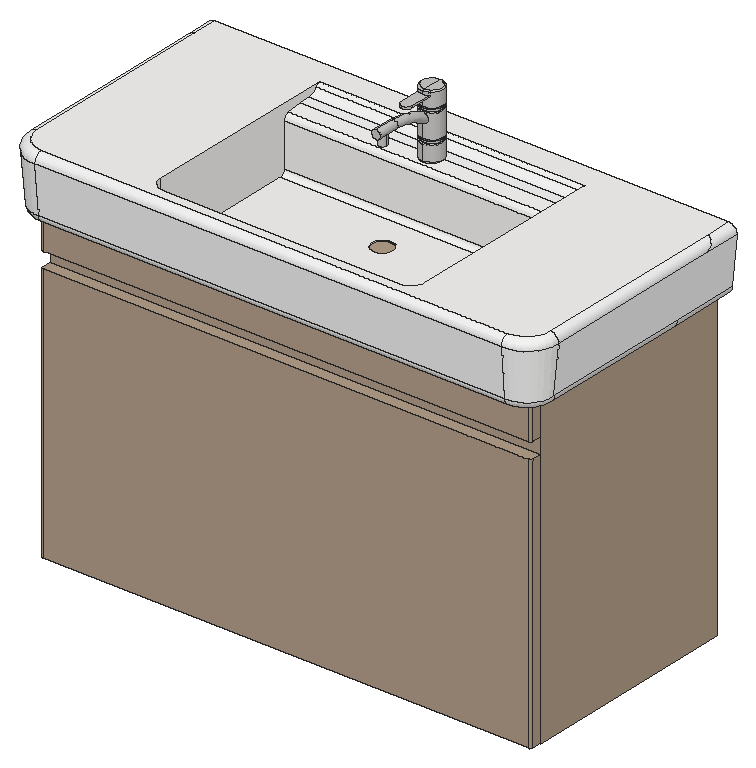
Revit family "CONV_Geberit_StorageUnits_IfoRenovaNr1Plan_100", category Furniture, Revit 2016
Family settings
  OmniClass Number = 23.40.20.21
  OmniClass Title = Toilet and Bath Specialties
  Work Plane-Based = No
  Always vertical = Yes
  Cut with Voids When Loaded = No
  Shared = No
  Room Calculation Point = No
Parameters (values of type "Ifo Renova Nr. 1 Plan Cabinet - 100 cm Elm")
  WashbasinVisibility [instance] = yes
  WarrantyStartDate [instance] = "n/a"
  WarrantyGuarantorParts = "n/a"
  WarrantyGuarantorLabor = "n/a"
  WarrantyDurationUnit = "Year"
  WarrantyDurationParts = "n/a"
  WarrantyDurationLabor = "n/a"
  WarrantyDescription = "n/a"
  VersionDate = "17/04/2018"  # constant formula
  Version = "1"  # constant formula
  Uniclass2015Reference = "Pr_40_30_78_03"
  Uniclass2015Description = "Bathroom cabinets"
  Uniclass2 = "Pr_40_30_78_06"
  URL = "https://www.ifo.se/"
  Type Comments = ""
  TagNumber [instance] = "n/a"
  SustainabilityPerformance = "n/a"
  Style = "n/a"
  Size = "1000x480x810 mm"
  Shape = "Rectangular"
  SerialNumber [instance] = "n/a"
  Revision = "n/a"
  ReplacementCost = "n/a"
  ProductURL_SE = "http://www.ifo.se/produkter/mobler/"
  ProductURL_NO = "http://www.ifosanitar.no/produkter/baderomsmbler/"
  ProductURL_DK = "http://www.ifo.dk/produkter/badevrelsesmbler/"
  ProductInformation = "Ifo Renova Nr. 1 plan cabinet in moisture resistant material with soft closing cover that can be right or left mounted. The integrated handle makes the door easy to open. Washbasins are ordered separately."
  NotWashbasin [instance] = not(WashbasinVisibility)  # no
  NominalLength = 1000 mm
  NominalHeight = 811.2 mm
  NominalDepth = 480 mm
  Name = "StorageUnits_IfoRenovaNr1Plan_100"
  NBSReference = "45-35-72/318"
  NBSDescription = "Bathroom cabinets"
  ModelReference = "n/a"
  ModelNumber = "44764"
  Material = "Wood, metal"
  ManufacturerURL = "https://www.ifo.se/"
  ManufacturerName = "Ifo (Geberit Group)"
  MainColor = "Wooden"
  InstallationDate [instance] = "n/a"
  ExpiringDate = "12/2018"  # constant formula
  Elevation [instance] = 500 mm
  EANNumber = "7391515443776"
  Description = ""
  Collection = "Ifo Renova"
  Model = "Ifo Renova Nr. 1 Plan Cabinet - 100 cm Elm"
  Manufacturer = "Ifo (Geberit Group)"
  IfcExportType = "CABINET"  # constant formula
  IfcExportAs = "IfcFurnitureType"  # constant formula
  Grade = "n/a"
  Finish = "n/a"
  Features = "n/a"
  ExpectedLife = "n/a"
  DurationUnit = "Year"
  Cost = 0
  ConvergoRefNr = "0132-1802-0010-SE"
  Constituents = "Washbasin sold separately"
  Color = "Wooden"
  CodePerformance = "n/a"
  Category = "Sink Cabinet"
  CabinetTertiaryMaterial = Stainless Steel, Polished
  CabinetSecondaryMaterial = Porcelain, White
  CabinetMainMaterial = Elm
  Brand = "Ifo"
  Barcode [instance] = "n/a"
  BIMObjectName = "CONV_Geberit_StorageUnits_IfoRenovaNr1Plan_100"
  Author = "Convergo AB"  # constant formula
  AssetType = "Fixed"
  AssetIdentifier [instance] = "n/a"
  AccessibilityPerformance = "n/a"
Types (4, lengths in mm): name | ModelNumber | MainColor | EANNumber | Model | Color | CabinetMainMaterial
  (no name) | "44764" | "Wooden" | "7391515443776" | "Ifo Renova Nr. 1 Plan Cabinet - 100 cm Elm" | "Wooden" | Elm
  Ifo Renova Nr. 1 Plan Cabinet - 100 cm Grey | "44763" | "Grey" | "7391515443769" | "Ifo Renova Nr. 1 Plan Cabinet - 100 cm Grey" | "Grey" | Grey
  Ifo Renova Nr. 1 Plan Cabinet - 100 cm White | "44762" | "White" | "7391515443752" | "Ifo Renova Nr. 1 Plan Cabinet - 100 cm White" | "White" | White
  Ifo Renova Nr. 1 Plan Cabinet - 100 cm Elm | "44764" | "Wooden" | "7391515443776" | "Ifo Renova Nr. 1 Plan Cabinet - 100 cm Elm" | "Wooden" | Elm
Reference planes
  plane 1 "Center (Front/Back)": y = 0
  plane 2: z = 0
  plane 3 "Center (Left/Right)": x = 0
  plane 4: z = 500
  plane 5: z = 1311.2
  plane 6: y = 240
  plane 7: y = -240
  plane 8: x = -500
  plane 9: x = 500
Forms (mm)
  Extrusion 1, solid, material "Elm" <- "CabinetMainMaterial", visible <- "WashbasinVisibility", detail levels coarse
    sketch origin (0, 0, 0) x (0, 1, 0) y (0, 0, 1)
      loop
        line (240, 1311.2) -> (-240, 1311.2) -> (-240, 500) -> (240, 500) -> (240, 1311.2)
    from 500 to -500
  Extrusion 2, solid, material "Elm" <- "CabinetMainMaterial", visible <- "NotWashbasin", detail levels coarse
    sketch origin (0, 0, 0) x (1, 0, 0) y (0, 0, 1)
      loop
        line (-463, 500) -> (463, 500) -> (463, 1079) -> (-463, 1079) -> (-463, 500)
    from 198 to -240
Lines and regions (mm)
  symbolic lines, visible <- "WashbasinVisibility", detail levels medium+fine
    curve 1: line (0, 240, 1198.983) -> (0, 153.259, 1198.983)
    curve 2: arc (0, -234.733, 1198.983) -> (0, -238.457, 1197.441) -> (0, -240, 1193.716) r 5.267
    curve 3: arc (0, -240, 1193.716) -> (0, -237.19, 1137.68) -> (0, -228.788, 1082.206) r 560.115
    curve 4: arc (0, -228.788, 1082.206) -> (0, -227.429, 1079.929) -> (0, -224.946, 1079) r 4.004
    curve 5: line (0, -224.946, 1079) -> (0, -196, 1079)
    curve 6: line (0, 240, 1198.983) -> (0, 240, 1079)
    curve 18: line (-492.385, 0, 1207.29) -> (-21.001, 0, 1207.29)
    curve 19: arc (-494.294, 0, 1207.159) -> (-493.342, 0, 1207.257) -> (-492.385, 0, 1207.29) r 13.925
    curve 20: arc (-500, 0, 1200.96) -> (-498.468, 0, 1205.276) -> (-494.294, 0, 1207.159) r 5.837
    curve 21: arc (-489.902, 0, 1086.817) -> (-495.698, 0, 1143.823) -> (-500, 0, 1200.96) r 2187.089
    curve 22: arc (-483.915, 0, 1079) -> (-488.254, 0, 1081.878) -> (-489.902, 0, 1086.817) r 7.998
    curve 23: line (-483.915, 0, 1079) -> (-463, 0, 1079)
    curve 26: line (-493.592, 240, 0) -> (0, 240, 0)
    curve 27: arc (-493.592, 240, 0) -> (-499.673, 60.159, 0) -> (-498.075, -119.777, 0) r 4216.699
    curve 38: line (0, 150.851, 1311.2) -> (0, 113.651, 1311.2)
    curve 39: line (0, 150.851, 1311.2) -> (0, 153.251, 1308.8)
    curve 40: line (0, 153.251, 1308.8) -> (0, 153.251, 1282.252)
    curve 41: line (0, 113.651, 1311.2) -> (0, 111.251, 1308.8)
    curve 42: line (0, 111.251, 1308.8) -> (0, 111.251, 1303.955)
    curve 46: line (0, 111.251, 1300.955) -> (0, 111.251, 1282.252)
    curve 47: line (0, 111.251, 1303.955) -> (0, 52.197, 1303.955)
    curve 48: line (0, 52.197, 1303.955) -> (0, 52.197, 1300.955)
    curve 49: line (0, 52.197, 1300.955) -> (0, 111.251, 1300.955)
    curve 50: line (0, 45.868, 1256.325) -> (0, 45.868, 1249.325)
    curve 51: line (0, 45.868, 1249.325) -> (0, 31.875, 1249.325)
    curve 52: line (0, 31.875, 1249.325) -> (0, 31.875, 1256.325)
    curve 53: line (0, 31.875, 1256.325) -> (0, 23.796, 1256.325)
    curve 54: line (0, 23.796, 1256.325) -> (0, 23.796, 1272.325)
    curve 55: line (0, 23.796, 1272.325) -> (0, 64.727, 1272.325)
    curve 56: arc (0, 64.727, 1272.325) -> (0, 88.54, 1269.748) -> (0, 111.251, 1262.137) r 111.325
    curve 57: line (0, 45.868, 1256.325) -> (0, 64.931, 1256.325)
    curve 58: arc (0, 64.931, 1256.325) -> (0, 88.859, 1253.269) -> (0, 111.251, 1244.296) r 95.194
    curve 61: line (0, 111.251, 1262.137) -> (0, 111.251, 1274.212)
    curve 62: line (0, 152.27, 1275.212) -> (0, 151.005, 1275.212)
    curve 63: line (0, 152.251, 1281.252) -> (0, 151.005, 1281.252)
    curve 64: arc (0, 153.251, 1282.252) -> (0, 152.958, 1281.545) -> (0, 152.251, 1281.252) r 1
    curve 65: line (0, 153.27, 1274.212) -> (0, 153.27, 1228.203)
    curve 66: line (0, 153.259, 1198.983) -> (0, 153.259, 1220.218)
    curve 67: line (0, 152.259, 1221.218) -> (0, 151.036, 1221.218)
    curve 68: line (0, 111.283, 1198.983) -> (0, 111.283, 1220.218)
    curve 69: arc (0, 153.259, 1220.218) -> (0, 152.966, 1220.925) -> (0, 152.259, 1221.218) r 1
    curve 70: arc (0, 112.283, 1221.218) -> (0, 111.576, 1220.925) -> (0, 111.283, 1220.218) r 1
    curve 71: arc (0, 153.27, 1274.212) -> (0, 152.977, 1274.919) -> (0, 152.27, 1275.212) r 1
    curve 72: arc (0, 111.251, 1274.212) -> (0, 111.543, 1274.919) -> (0, 112.251, 1275.212) r 1
    curve 73: arc (0, 112.251, 1281.252) -> (0, 111.543, 1281.545) -> (0, 111.251, 1282.252) r 1
    curve 74: line (0, 111.251, 1244.296) -> (0, 111.251, 1228.203)
    curve 75: line (0, 112.251, 1227.203) -> (0, 113.603, 1227.203)
    curve 76: arc (0, 112.251, 1227.203) -> (0, 111.543, 1227.496) -> (0, 111.251, 1228.203) r 1
    curve 77: arc (0, 152.27, 1227.203) -> (0, 152.977, 1227.496) -> (0, 153.27, 1228.203) r 1
    curve 78: line (0, 151.036, 1227.203) -> (0, 151.036, 1221.218)
    curve 79: line (0, 113.603, 1227.203) -> (0, 113.603, 1221.218)
    curve 80: line (0, 151.005, 1281.252) -> (0, 151.005, 1275.212)
    curve 81: line (0, 113.655, 1281.252) -> (0, 113.655, 1275.212)
    curve 83: line (0, 113.655, 1281.252) -> (0, 112.251, 1281.252)
    curve 85: line (0, 113.655, 1275.212) -> (0, 112.251, 1275.212)
    curve 87: line (0, 151.036, 1227.203) -> (0, 152.27, 1227.203)
    curve 89: line (0, 113.603, 1221.218) -> (0, 112.283, 1221.218)
    curve 91: line (0, 111.283, 1198.983) -> (0, -234.733, 1198.983)
    curve 93: line (-18.6, 0, 1311.213) -> (-21, 0, 1308.813)
    curve 95: line (-21, 0, 1308.813) -> (-21, 0, 1282.25)
    curve 96: line (-20, 0, 1281.25) -> (-18.68, 0, 1281.25)
    curve 97: line (-21.01, 0, 1274.298) -> (-21.01, 0, 1228.24)
    curve 98: line (-20.01, 0, 1227.24) -> (-18.645, 0, 1227.24)
    curve 99: line (-20.001, 0, 1221.269) -> (-18.645, 0, 1221.269)
    curve 100: line (-21.001, 0, 1220.269) -> (-21.001, 0, 1207.29)
    curve 101: arc (-21.001, 0, 1220.269) -> (-20.709, 0, 1220.976) -> (-20.001, 0, 1221.269) r 1
    curve 102: arc (-20.01, 0, 1227.24) -> (-20.717, 0, 1227.533) -> (-21.01, 0, 1228.24) r 1
    curve 103: arc (-21.01, 0, 1274.298) -> (-20.717, 0, 1275.005) -> (-20.01, 0, 1275.298) r 1
    curve 104: arc (-20, 0, 1281.25) -> (-20.707, 0, 1281.543) -> (-21, 0, 1282.25) r 1
    curve 107: line (-18.645, 0, 1227.24) -> (-18.645, 0, 1221.269)
    curve 108: line (-18.68, 0, 1281.25) -> (-18.68, 0, 1275.298)
    curve 109: line (-18.68, 0, 1275.298) -> (-20.01, 0, 1275.298)
    curve 126: line (-18.6, 0, 1311.213) -> (18.6, 0, 1311.213)
    curve 127: arc (494.294, 0, 1207.159) -> (493.342, 0, 1207.257) -> (492.385, 0, 1207.29) r 13.925
    curve 128: arc (500, 0, 1200.96) -> (498.468, 0, 1205.276) -> (494.294, 0, 1207.159) r 5.837
    curve 129: arc (489.902, 0, 1086.817) -> (495.698, 0, 1143.823) -> (500, 0, 1200.96) r 2187.089
    curve 130: arc (483.915, 0, 1079) -> (488.254, 0, 1081.878) -> (489.902, 0, 1086.817) r 7.998
    curve 131: line (483.915, 0, 1079) -> (463, 0, 1079)
    curve 134: line (18.6, 0, 1311.213) -> (21, 0, 1308.813)
    curve 136: line (21, 0, 1308.813) -> (21, 0, 1282.25)
    curve 137: line (20, 0, 1281.25) -> (18.68, 0, 1281.25)
    curve 138: line (21.01, 0, 1274.298) -> (21.01, 0, 1228.24)
    curve 139: line (20.01, 0, 1227.24) -> (18.645, 0, 1227.24)
    curve 140: line (20.001, 0, 1221.269) -> (18.645, 0, 1221.269)
    curve 141: line (21.001, 0, 1220.269) -> (21.001, 0, 1207.29)
    curve 142: arc (21.001, 0, 1220.269) -> (20.709, 0, 1220.976) -> (20.001, 0, 1221.269) r 1
    curve 143: arc (20.01, 0, 1227.24) -> (20.717, 0, 1227.533) -> (21.01, 0, 1228.24) r 1
    curve 144: arc (21.01, 0, 1274.298) -> (20.717, 0, 1275.005) -> (20.01, 0, 1275.298) r 1
    curve 145: arc (20, 0, 1281.25) -> (20.707, 0, 1281.543) -> (21, 0, 1282.25) r 1
    curve 148: line (18.645, 0, 1227.24) -> (18.645, 0, 1221.269)
    curve 149: line (18.68, 0, 1281.25) -> (18.68, 0, 1275.298)
    curve 150: line (18.68, 0, 1275.298) -> (20.01, 0, 1275.298)
    curve 158: line (21.001, 0, 1207.29) -> (492.385, 0, 1207.29)
    curve 167: line (493.592, 240, 0) -> (0, 240, 0)
    curve 168: arc (493.592, 240, 0) -> (499.673, 60.159, 0) -> (498.075, -119.777, 0) r 4216.699
    curve 169: arc (442.639, -229.113, 0) -> (427.565, -232.893, 0) -> (412.108, -234.509, 0) r 109.931
    curve 186: arc (489.989, -185.922, 0) -> (472.553, -214.358, 0) -> (442.639, -229.113, 0) r 60.087
    curve 187: arc (498.075, -119.777, 0) -> (496.574, -153.16, 0) -> (489.989, -185.922, 0) r 218.07
    curve 190: arc (-442.639, -229.113, 0) -> (-427.565, -232.893, 0) -> (-412.108, -234.509, 0) r 109.931
    curve 191: arc (-489.989, -185.922, 0) -> (-472.553, -214.358, 0) -> (-442.639, -229.113, 0) r 60.087
    curve 192: arc (-498.075, -119.777, 0) -> (-496.574, -153.16, 0) -> (-489.989, -185.922, 0) r 218.07
    curve 193: arc (-412.108, -234.509, 0) -> (0, -241.396, 0) -> (412.108, -234.509, 0) r 12332.589
  symbolic lines, detail levels medium+fine
    curve 7: line (0, 240, 500) -> (0, -175, 500)
    curve 8: line (0, -175, 989) -> (0, -196, 989)
    curve 10: line (0, -175, 1019) -> (0, -196, 1019)
    curve 11: line (0, -198, 1077) -> (0, -198, 1021)
    curve 12: arc (0, -198, 1021) -> (0, -197.414, 1019.586) -> (0, -196, 1019) r 2
    curve 13: arc (0, -196, 1079) -> (0, -197.414, 1078.414) -> (0, -198, 1077) r 2
    curve 14: line (0, -198, 987) -> (0, -198, 502)
    curve 15: line (0, -175, 500) -> (0, -196, 500)
    curve 16: arc (0, -196, 500) -> (0, -197.414, 500.586) -> (0, -198, 502) r 2
    curve 17: arc (0, -196, 989) -> (0, -197.414, 988.414) -> (0, -198, 987) r 2
    curve 24: line (-463, 0, 1079) -> (-463, 0, 502.053)
    curve 117: line (0, 240, 1079) -> (0, 240, 500)
    curve 132: line (463, 0, 1079) -> (463, 0, 502.226)
    curve 156: line (0, -175, 989) -> (0, -175, 1019)
    curve 163: line (-460.947, 0, 500) -> (460.774, 0, 500)
    curve 165: arc (460.774, 0, 500) -> (462.348, 0, 500.652) -> (463, 0, 502.226) r 2.226
    curve 166: arc (-460.947, 0, 500) -> (-462.399, 0, 500.601) -> (-463, 0, 502.053) r 2.053
  symbolic lines, visible <- "NotWashbasin", detail levels medium+fine
    curve 9: line (0, -175, 1079) -> (0, -196, 1079)
    curve 92: line (0, 240, 1079) -> (0, -175, 1079)
    curve 113: line (-463, 240, 0) -> (0, 240, 0)
    curve 151: line (-463, 240, 0) -> (-463, -175, 0)
    curve 152: line (-463, -175, 0) -> (-463, -193, 0)
    curve 153: line (-458, -198, 0) -> (0, -198, 0)
    curve 180: line (463, 240, 0) -> (0, 240, 0)
    curve 182: line (463, 240, 0) -> (463, -175, 0)
    curve 183: line (463, -175, 0) -> (463, -193, 0)
    curve 184: line (458, -198, 0) -> (0, -198, 0)
    curve 188: arc (-458, -198, 0) -> (-461.536, -196.536, 0) -> (-463, -193, 0) r 5
    curve 189: arc (458, -198, 0) -> (461.536, -196.536, 0) -> (463, -193, 0) r 5
  symbolic lines, detail levels fine
    curve 25: line (-442.979, 0, 1019) -> (-442.979, 0, 989)
    curve 37: line (0, -175, 500) -> (0, -175, 989)
    curve 133: line (442.547, 0, 1019) -> (442.547, 0, 989)
    curve 155: line (0, -175, 1019) -> (0, -175, 1079)
    curve 159: line (-463, 0, 1079) -> (463, 0, 1079)
    curve 161: line (-463, 0, 1019) -> (463, 0, 1019)
    curve 162: line (-463, 0, 989) -> (463, 0, 989)
    curve 164: line (0, -196, 1079) -> (0, -175, 1079)
  symbolic lines, visible <- "WashbasinVisibility", detail levels fine
    curve 28: line (-470.155, 102.941, 0) -> (-470.155, -172.372, 0)
    curve 29: arc (-470.155, -172.372, 0) -> (-462.764, -190.216, 0) -> (-444.921, -197.607, 0) r 25.235
    curve 30: arc (-447.876, 125.221, 0) -> (-463.63, 118.695, 0) -> (-470.155, 102.941, 0) r 22.279
    curve 31: circle (0, 5, 0) r 22.816 normal (0, 0, 1)
    curve 32: line (-444.663, 208.165, 0) -> (0, 208.165, 0)
    curve 33: arc (-470.094, 182.734, 0) -> (-462.645, 200.717, 0) -> (-444.663, 208.165, 0) r 25.431
    curve 34: line (-470.094, 182.734, 0) -> (-470.094, 107.394, 0)
    curve 35: arc (-470.094, 107.394, 0) -> (-470.079, 106.329, 0) -> (-470.034, 105.265, 0) r 37.533
    curve 36: line (0, -175, 1079) -> (0, 240, 1079)
    curve 43: line (0, 111.251, 1303.955) -> (0, 113.784, 1303.955)
    curve 44: line (0, 113.784, 1303.955) -> (0, 113.784, 1300.955)
    curve 45: line (0, 113.784, 1300.955) -> (0, 111.251, 1300.955)
    curve 59: arc (0, 111.251, 1262.137) -> (0, 112.923, 1253.217) -> (0, 111.251, 1244.296) r 24.624
    curve 60: arc (0, 45.868, 1256.325) -> (0, 38.871, 1260.325) -> (0, 31.875, 1256.325) r 8.118
    curve 82: line (0, 151.005, 1281.252) -> (0, 113.655, 1281.252)
    curve 84: line (0, 151.005, 1275.212) -> (0, 113.655, 1275.212)
    curve 86: line (0, 113.603, 1227.203) -> (0, 151.036, 1227.203)
    curve 88: line (0, 151.036, 1221.218) -> (0, 113.603, 1221.218)
    curve 90: line (0, 153.259, 1198.983) -> (0, 111.283, 1198.983)
    curve 94: line (-10, 0, 1303.969) -> (-10, 0, 1300.969)
    curve 105: arc (0, 0, 1272.338) -> (-8, 0, 1264.338) -> (0, 0, 1256.338) r 8
    curve 106: line (-6.996, 0, 1249.338) -> (-6.996, 0, 1260.459)
    curve 110: arc (0, 192.251, 0) -> (-21, 171.251, 0) -> (0, 150.251, 0) r 21
    curve 111: line (-7.995, 151.832, 0) -> (-7.995, 118.653, 0)
    curve 112: arc (-7.995, 118.653, 0) -> (-5.655, 112.989, 0) -> (0, 110.629, 0) r 8.024
    curve 114: line (-444.921, -197.607, 0) -> (444.921, -197.607, 0)
    curve 115: line (-447.876, 125.221, 0) -> (-7.995, 125.221, 0)
    curve 116: line (0, 153.251, 1308.8) -> (0, 111.251, 1308.8)
    curve 118: line (-18.68, 0, 1281.25) -> (18.68, 0, 1281.25)
    curve 119: line (-18.645, 0, 1221.269) -> (18.645, 0, 1221.269)
    curve 120: line (-18.645, 0, 1227.24) -> (18.645, 0, 1227.24)
    curve 121: line (-6.996, 0, 1249.338) -> (6.996, 0, 1249.338)
    curve 122: line (-18.68, 0, 1275.298) -> (18.68, 0, 1275.298)
    curve 123: line (-10, 0, 1300.969) -> (10, 0, 1300.969)
    curve 124: line (-10, 0, 1303.969) -> (10, 0, 1303.969)
    curve 125: line (-21, 0, 1308.813) -> (21, 0, 1308.813)
    curve 135: line (10, 0, 1303.969) -> (10, 0, 1300.969)
    curve 146: arc (0, 0, 1272.338) -> (8, 0, 1264.338) -> (0, 0, 1256.338) r 8
    curve 147: line (6.996, 0, 1249.338) -> (6.996, 0, 1260.459)
    curve 157: line (-21.001, 0, 1207.29) -> (21.001, 0, 1207.29)
    curve 170: line (470.155, 102.941, 0) -> (470.155, -172.372, 0)
    curve 171: arc (470.155, -172.372, 0) -> (462.764, -190.216, 0) -> (444.921, -197.607, 0) r 25.235
    curve 172: arc (447.876, 125.221, 0) -> (463.63, 118.695, 0) -> (470.155, 102.941, 0) r 22.279
    curve 173: line (444.663, 208.165, 0) -> (0, 208.165, 0)
    curve 174: arc (470.094, 182.734, 0) -> (462.645, 200.717, 0) -> (444.663, 208.165, 0) r 25.431
    curve 175: line (470.094, 182.734, 0) -> (470.094, 107.394, 0)
    curve 176: arc (470.094, 107.394, 0) -> (470.079, 106.329, 0) -> (470.034, 105.265, 0) r 37.533
    curve 177: arc (0, 192.251, 0) -> (21, 171.251, 0) -> (0, 150.251, 0) r 21
    curve 178: line (7.995, 151.832, 0) -> (7.995, 118.653, 0)
    curve 179: arc (7.995, 118.653, 0) -> (5.655, 112.989, 0) -> (0, 110.629, 0) r 8.024
    curve 181: line (447.876, 125.221, 0) -> (7.995, 125.221, 0)
  symbolic lines, visible <- "NotWashbasin", detail levels fine
    curve 154: line (-463, -175, 0) -> (0, -175, 0)
    curve 185: line (463, -175, 0) -> (0, -175, 0)
  symbolic lines, visible <- "NotWashbasin", detail levels medium
    curve 160: line (-463, 0, 1079) -> (463, 0, 1079)
Dimensions and locks
  "Elevation": plane 4 to level
  "NominalDepth": plane 6 to plane 7
  equal spacing: plane 8, plane 3 "Center (Left/Right)", plane 9
  "NominalLength": plane 8 to plane 9
  "NominalHeight": plane 4 to plane 5
  aligned and locked: level to plane 2
  aligned and locked: nested 1 to plane 4
  aligned and locked: Extrusion 1 sketch curve to plane 4
  aligned and locked: Extrusion 1 to plane 5
  aligned and locked: Extrusion 1 to plane 4  (x4)
  aligned and locked: curve 7 to plane 4
  aligned and locked: curve 15 to plane 4
  aligned and locked: Extrusion 1 to plane 6
  aligned and locked: Extrusion 1 to plane 7
  aligned and locked: Extrusion 1 to curve 6
  aligned and locked: Extrusion 1 to nested 1
  aligned and locked: curve 113 to plane 6
  aligned and locked: nested 2 to nested 1
  aligned and locked: Extrusion 1 to plane 8
  aligned and locked: plane 9 to Extrusion 1
  aligned and locked: Extrusion 2 sketch curve to nested 1  (x3)
  aligned and locked: Extrusion 2 to curve 92
Automatic sketch dimensions
  curve 2 to plane 7 = 0 mm
  curve 3 to plane 7 = 0 mm
  plane 5 to curve 38 = 0 mm
  curve 3 to curve 2 = 5.267 mm
  plane 7 to curve 5 = 15.054 mm
  curve 5 to curve 4 = 0.082 mm
  plane 4 to curve 14 = 2 mm
  plane 7 to curve 14 = 42 mm
  curve 11 to curve 14 = 0 mm
  curve 14 to curve 8 = 2 mm
  curve 11 to curve 164 = 2 mm
  curve 11 to curve 10 = 2 mm
  curve 10 to curve 156 = 21 mm
  curve 54 to plane 1 "Center (Front/Back)" = 23.796 mm
  curve 53 to curve 51 = 8.079 mm
  curve 51 to curve 60 = 6.996 mm
  curve 60 to curve 50 = 6.996 mm
  plane 5 to curve 49 = 10.245 mm
  curve 54 to curve 49 = 28.401 mm
  curve 50 to curve 55 = 18.859 mm
  curve 56 to curve 58 = 0.204 mm
  curve 58 to curve 59 = 23.369 mm
  plane 5 to curve 43 = 7.245 mm
  curve 59 to curve 43 = 22.951 mm
  curve 61 to curve 42 = 0 mm
  curve 74 to curve 56 = 0 mm
  curve 45 to curve 42 = 0 mm
  curve 74 to curve 68 = 0.032 mm
  curve 72 to curve 72 = 1 mm
  curve 73 to curve 83 = 1 mm
  curve 74 to curve 75 = 1 mm
  curve 68 to curve 89 = 1 mm
  curve 75 to curve 75 = 1.352 mm
  curve 41 to curve 38 = 2.4 mm
  curve 83 to curve 82 = 1.404 mm
  curve 42 to curve 44 = 2.534 mm
  curve 38 to curve 38 = 37.2 mm
  curve 38 to curve 63 = 0.155 mm
  curve 75 to curve 78 = 37.433 mm
  curve 63 to curve 64 = 1.245 mm
  curve 67 to curve 69 = 1.223 mm
  curve 78 to curve 77 = 1.234 mm
  curve 62 to curve 71 = 1.265 mm
  plane 5 to curve 39 = 2.4 mm
  curve 38 to curve 39 = 2.4 mm
  curve 69 to curve 66 = 1 mm
  curve 71 to curve 65 = 1 mm
  plane 6 to curve 3 = 80.115 mm
  curve 8 to curve 155 = 30 mm
  curve 12 to curve 11 = 56 mm
  curve 5 to curve 4 = 4.003 mm
  curve 56 to curve 48 = 139.955 mm
  curve 56 to curve 58 = 0.13 mm
  curve 4 to curve 2 = 110.713 mm
  curve 1 to curve 69 = 21.234 mm
  curve 67 to curve 78 = 5.985 mm
  curve 76 to curve 74 = 16.093 mm
  curve 50 to curve 50 = 7 mm
  curve 50 to curve 60 = 2.882 mm
  curve 59 to curve 58 = 3.108 mm
  curve 59 to curve 72 = 12.075 mm
  curve 72 to curve 83 = 6.04 mm
  Extrusion 1 sketch curve to plane 5 = 0 mm
  Extrusion 1 sketch curve to plane 7 = 0 mm
  Extrusion 1 sketch curve to plane 6 = 0 mm
  curve 167 to plane 3 "Center (Left/Right)" = 0 mm
  curve 193 to plane 3 "Center (Left/Right)" = 0 mm
  curve 32 to plane 3 "Center (Left/Right)" = 0 mm
  curve 177 to plane 3 "Center (Left/Right)" = 0 mm
  curve 112 to plane 3 "Center (Left/Right)" = 0 mm
  curve 154 to plane 3 "Center (Left/Right)" = 0 mm
  curve 31 to plane 3 "Center (Left/Right)" = 0 mm
  curve 153 to plane 3 "Center (Left/Right)" = 0 mm
  curve 179 to plane 3 "Center (Left/Right)" = 0.029 mm
  curve 111 to curve 179 = 7.966 mm
  plane 7 to curve 192 = 113.301 mm
  plane 8 to curve 192 = 219.886 mm
  curve 191 to curve 190 = 23.625 mm
  plane 8 to curve 35 = 67.439 mm
  curve 32 to plane 6 = 31.835 mm
  plane 8 to curve 32 = 55.337 mm
  curve 114 to curve 191 = 12.861 mm
  curve 30 to curve 35 = 15.314 mm
  curve 153 to curve 29 = 13.079 mm
  curve 151 to curve 29 = 18.079 mm
  curve 34 to curve 33 = 25.431 mm
  curve 28 to curve 151 = 7.155 mm
  plane 8 to curve 26 = 6.408 mm
  curve 168 to plane 1 "Center (Front/Back)" = 7.624 mm
  curve 168 to plane 8 = 3216.699 mm
  plane 3 "Center (Left/Right)" to curve 112 = 0.029 mm
  curve 112 to curve 178 = 7.966 mm
  curve 187 to plane 9 = 219.886 mm
  curve 169 to plane 9 = 91.565 mm
  curve 169 to curve 186 = 23.625 mm
  curve 176 to plane 9 = 67.439 mm
  curve 174 to plane 9 = 55.337 mm
  curve 186 to curve 114 = 12.861 mm
  curve 176 to curve 172 = 15.314 mm
  curve 171 to curve 189 = 13.079 mm
  curve 174 to curve 182 = 18.337 mm
  curve 172 to curve 175 = 22.218 mm
  curve 182 to curve 170 = 7.155 mm
  curve 167 to plane 9 = 6.408 mm
  curve 27 to plane 1 "Center (Front/Back)" = 7.624 mm
  plane 9 to curve 27 = 3216.699 mm
  plane 7 to curve 187 = 113.301 mm
  curve 170 to curve 186 = 2.407 mm
  curve 185 to curve 170 = 2.628 mm
  curve 114 to curve 188 = 4.607 mm
  curve 191 to curve 190 = 45.325 mm
  curve 186 to curve 169 = 45.325 mm
  curve 31 to plane 1 "Center (Front/Back)" = 5 mm
  curve 170 to curve 174 = 79.793 mm
  curve 28 to curve 33 = 79.793 mm
  curve 30 to curve 34 = 4.453 mm
  curve 172 to curve 176 = 4.453 mm
  curve 111 to curve 115 = 6.568 mm
  curve 110 to curve 32 = 36.915 mm
  plane 7 to curve 193 = 5.491 mm
  curve 29 to curve 193 = 32.812 mm
  curve 190 to curve 193 = 0 mm
  plane 7 to curve 191 = 10.887 mm
  curve 191 to curve 190 = 30.531 mm
  plane 8 to curve 191 = 10.011 mm
  curve 169 to curve 171 = 32.812 mm
  curve 193 to curve 169 = 0 mm
  plane 7 to curve 186 = 10.887 mm
  curve 169 to curve 186 = 30.531 mm
  curve 187 to plane 9 = 10.011 mm
  curve 177 to curve 110 = 21 mm
  curve 105 to curve 146 = 0 mm  (x2)
  curve 163 to plane 4 = 0 mm
  curve 105 to plane 3 "Center (Left/Right)" = 0 mm
  curve 121 to plane 3 "Center (Left/Right)" = 6.996 mm
  curve 94 to plane 3 "Center (Left/Right)" = 10 mm
  curve 126 to plane 5 = 0.013 mm
  curve 126 to curve 94 = 8.6 mm
  curve 107 to plane 3 "Center (Left/Right)" = 18.645 mm
  curve 122 to plane 3 "Center (Left/Right)" = 18.68 mm
  curve 104 to curve 96 = 1.32 mm
  curve 99 to curve 99 = 1.356 mm
  curve 109 to curve 108 = 1.329 mm
  curve 98 to curve 98 = 1.364 mm
  curve 95 to curve 104 = 1 mm
  curve 100 to curve 101 = 1 mm
  curve 97 to curve 102 = 1 mm
  plane 8 to curve 163 = 39.053 mm
  plane 8 to curve 23 = 37 mm
  plane 8 to curve 22 = 18.097 mm
  curve 23 to curve 22 = 2.011 mm
  plane 8 to curve 18 = 7.615 mm
  plane 8 to curve 20 = 5.826 mm
  curve 129 to plane 5 = 25.366 mm
  curve 129 to plane 8 = 1182.881 mm
  plane 3 "Center (Left/Right)" to curve 121 = 6.996 mm
  plane 3 "Center (Left/Right)" to curve 135 = 10 mm
  curve 124 to curve 126 = 8.6 mm
  plane 3 "Center (Left/Right)" to curve 140 = 18.645 mm
  plane 3 "Center (Left/Right)" to curve 149 = 18.68 mm
  curve 118 to curve 145 = 1.32 mm
  curve 119 to curve 142 = 1.356 mm
  curve 120 to curve 139 = 1.364 mm
  curve 122 to curve 150 = 1.329 mm
  plane 5 to curve 134 = 2.387 mm
  curve 126 to curve 134 = 2.4 mm
  curve 142 to curve 141 = 1 mm
  curve 143 to curve 138 = 1 mm
  curve 163 to plane 9 = 39.226 mm
  curve 131 to plane 9 = 37 mm
  curve 130 to plane 9 = 18.097 mm
  curve 130 to curve 131 = 2.011 mm
  curve 158 to plane 9 = 7.615 mm
  curve 128 to plane 9 = 5.826 mm
  curve 21 to plane 5 = 25.366 mm
  plane 9 to curve 21 = 1182.881 mm
  plane 5 to curve 24 = 232.2 mm
  curve 130 to curve 130 = 7.741 mm
  curve 22 to curve 22 = 7.741 mm
  curve 22 to curve 19 = 106.623 mm
  curve 130 to curve 127 = 106.623 mm
  curve 127 to curve 128 = 7.958 mm
  curve 19 to curve 20 = 7.958 mm
  curve 157 to curve 125 = 101.523 mm
  curve 18 to curve 101 = 12.979 mm
  curve 119 to curve 148 = 5.971 mm
  curve 102 to curve 121 = 21.098 mm
  curve 121 to curve 105 = 15 mm
  curve 105 to curve 138 = 9.96 mm
  curve 108 to curve 108 = 5.951 mm
  plane 5 to curve 135 = 10.231 mm
  curve 123 to curve 124 = 3 mm
  curve 161 to curve 25 = 20.021 mm
  plane 8 to curve 21 = 10.098 mm
  curve 20 to curve 19 = 1.909 mm
  curve 133 to curve 161 = 20.453 mm
  curve 130 to plane 9 = 10.098 mm
  curve 158 to curve 128 = 1.909 mm
  curve 162 to curve 131 = 90 mm
  curve 162 to curve 161 = 30 mm
  curve 105 to curve 105 = 8 mm
  plane 5 to Extrusion 2 sketch curve = 232.2 mm
  radius of curve 31 = 22.816 mm
Nested families
  nested 1: "ifo_renova_cabinet_100" at (0, 21, 500), CabinetMaterial <- "CabinetMainMaterial", type "ifo_renova_cabinet_100", detail levels medium+fine
    with CabinetMaterial Elm
  nested 2: "ifo_sink_100" at (0, 0, 1086), FaucetMaterial <- "CabinetTertiaryMaterial", WashbasinMaterial <- "CabinetSecondaryMaterial", visible <- "WashbasinVisibility", type "ifo_sink_100", detail levels medium+fine
    with WashbasinMaterial Porcelain, White, SinkWidth 1000 mm, FaucetMaterial Stainless Steel, Polished
Definition of nested family "ifo_renova_cabinet_100"
  Parameters (values of type "ifo_renova_cabinet_100")
    Width = 926 mm
    CabinetMaterial [instance] = none
  Reference planes
    plane 1 "Center (Front/Back)": y = 0
    plane 2: z = 0
    plane 3 "Center (Left/Right)": x = 0
    plane 4: x = -463
    plane 5: x = 463
    plane 6: z = 586
    plane 7: y = 219
    plane 8: y = -219
  Forms (mm)
    Extrusion 1, solid, material <- "CabinetMaterial"
      sketch origin (0, 11, 0) x (1, 0, 0) y (0, 1, 0)
        loop
          line (-463, 208) -> (-463, -207) -> (463, -207) -> (463, 208) -> (-463, 208)
      from 0 to 586
    Extrusion 2, solid, material <- "CabinetMaterial"
      sketch origin (0, -35.5, 0) x (1, 0, 0) y (0, 0, 1)
        loop
          line (-462.5, 1) -> (462.5, 1) -> (462.5, 489) -> (-462.5, 489) -> (-462.5, 1)
      from 160.5 to 183.5
    Extrusion 3, solid, material <- "CabinetMaterial"
      sketch origin (0, -7, 0) x (1, 0, 0) y (0, 0, 1)
        loop
          line (-462.5, 579) -> (-462.5, 519) -> (462.5, 519) -> (462.5, 579) -> (-462.5, 579)
      from 189 to 212
    Extrusion 4, void
      sketch origin (0, 0, 0) x (1, 0, 0) y (0, 1, 0)
        loop
          line (-462.5, -209.548) -> (-469.542, -209.548) -> (-469.542, -224.548) -> (-453.94, -224.548) -> (-453.94, -219) -> (-457.5, -219)
          arc (-457.5, -219) -> (-461.036, -217.536) -> (-462.5, -214) r 5
          line (-462.5, -214) -> (-462.5, -209.548)
        loop
          arc (462.5, -214) -> (461.036, -217.536) -> (457.5, -219) r 5
          line (457.5, -219) -> (453.876, -219) -> (453.876, -223.494) -> (468.305, -223.494) -> (468.305, -210.041) -> (462.5, -210.041) -> (462.5, -214)
      from 0 to 659.383
  Cuts and joins
    Extrusion 4 cuts Extrusion 2
    Extrusion 4 cuts Extrusion 3
  Dimensions and locks
    "Width": plane 4 to plane 5
    plane 6 to level = 586 mm
    equal spacing: plane 7, plane 1 "Center (Front/Back)", plane 8
    plane 7 to plane 8 = 438 mm
    Extrusion 1 to Extrusion 2 = 489 mm
    equal spacing: plane 4, plane 3 "Center (Left/Right)", plane 5
    aligned and locked: level to plane 2
    aligned and locked: plane 4 to Extrusion 1 sketch curve
    aligned and locked: Extrusion 1 sketch curve to plane 5
    aligned and locked: plane 6 to Extrusion 1
    aligned and locked: plane 7 to Extrusion 1
  Automatic sketch dimensions
    level to Extrusion 2 sketch curve = 1 mm
    Extrusion 2 sketch curve to plane 6 = 97 mm
    plane 4 to Extrusion 2 sketch curve = 0.5 mm
    Extrusion 2 sketch curve to plane 5 = 0.5 mm
    plane 4 to Extrusion 3 sketch curve = 0.5 mm
    Extrusion 3 sketch curve to plane 5 = 0.5 mm
    Extrusion 3 sketch curve to plane 6 = 7 mm
    Extrusion 3 sketch curve to Extrusion 3 sketch curve = 60 mm
    Extrusion 1 sketch curve to plane 1 "Center (Front/Back)" = 219 mm
    plane 1 "Center (Front/Back)" to Extrusion 1 sketch curve = 196 mm
    Extrusion 4 sketch curve to plane 8 = 0 mm  (x2)
    Extrusion 4 sketch curve to plane 4 = 6.542 mm
    plane 4 to Extrusion 4 sketch curve = 0.5 mm
    plane 8 to Extrusion 4 sketch curve = 5 mm
    Extrusion 4 sketch curve to Extrusion 4 sketch curve = 3.56 mm
    Extrusion 4 sketch curve to plane 5 = 5.5 mm
    Extrusion 4 sketch curve to plane 5 = 0.5 mm
    plane 5 to Extrusion 4 sketch curve = 5.305 mm
    Extrusion 4 sketch curve to plane 8 = 4.494 mm
    Extrusion 4 sketch curve to plane 8 = 5.548 mm
    Extrusion 4 sketch curve to Extrusion 4 sketch curve = 3.959 mm
    Extrusion 4 sketch curve to Extrusion 4 sketch curve = 4.452 mm
    Extrusion 4 sketch curve to Extrusion 4 sketch curve = 3.624 mm
Definition of nested family "ifo_sink_100"
  Parameters (values of type "ifo_sink_100")
    WashbasinMaterial [instance] = none
    SinkWidth [instance] = 1000 mm
    FaucetMaterial [instance] = none
  Reference planes
    plane 1 "Center (Front/Back)": y = 0
    plane 2: z = 0
    plane 3 "Center (Left/Right)": x = 0
    plane 4: z = 121
    plane 5: y = 240
    plane 6: y = -240
    plane 7: x = -500
    plane 8: x = 500
  Forms (mm)
    Sweep 1, solid, material <- "WashbasinMaterial"
      path origin (0, 0, 0) x (1, 0, 0) y (0, 1, 0)
        loop
          line (-500, 240) -> (-500, -180)
          arc (-500, -180) -> (-482.426, -222.426) -> (-440, -240) r 60
          line (-440, -240) -> (440, -240)
          arc (440, -240) -> (482.426, -222.426) -> (500, -180) r 60
          line (500, -180) -> (500, 240)
      profile origin (-500, 30, 0) x (1, 0, 0) y (0, 0, 1)
        loop
          arc (15.437, 121) -> (4.378, 116.134) -> (0.494, 104.693) r 15
          line (0.494, 104.693) -> (8.456, 13.693)
          arc (8.456, 13.693) -> (13.265, 3.941) -> (23.399, 0) r 15
          line (23.399, 0) -> (32.412, 0) -> (32.412, 121) -> (15.437, 121)
    Extrusion 2, solid, material <- "WashbasinMaterial"
      sketch origin (0, 0, 0) x (1, 0, 0) y (0, 1, 0)
        loop
          line (-515.617, 240) -> (-515.617, 88.815) -> (519.691, 88.815) -> (519.691, 240) -> (-515.617, 240)
      from -9.08 to 121
    Extrusion 3, void
      sketch origin (0, 0, 0) x (1, 0, 0) y (0, 0, 1)
        loop
          arc (-499.506, 104.693) -> (-495.622, 116.134) -> (-484.563, 121) r 15
          line (-484.563, 121) -> (-484.563, 133.522) -> (-528.685, 133.522) -> (-534.034, -19.656) -> (476.601, -19.656) -> (534.034, -19.656) -> (528.685, 133.522) -> (484.563, 133.522) -> (484.563, 121)
          arc (484.563, 121) -> (495.622, 116.134) -> (499.506, 104.693) r 15
          line (499.506, 104.693) -> (491.544, 13.693)
          arc (491.544, 13.693) -> (486.735, 3.941) -> (476.601, 0) r 15
          line (476.601, 0) -> (-476.601, 0)
          arc (-476.601, 0) -> (-486.735, 3.941) -> (-491.544, 13.693) r 15
          line (-491.544, 13.693) -> (-499.506, 104.693)
      from -295.86 to 250
    Extrusion 4, void
      sketch origin (0, 0, 0) x (0, 1, 0) y (0, 0, 1)
        loop
          arc (109.951, 91.348) -> (112.69, 98.829) -> (119.612, 102.773) r 11.587
          arc (119.612, 102.773) -> (132.885, 104.505) -> (146.251, 105.245) r 179.814
          arc (146.251, 105.245) -> (156.823, 105.603) -> (167.378, 106.297) r 333.325
          arc (167.378, 106.297) -> (177.295, 109.433) -> (184.865, 116.566) r 23.336
          arc (184.865, 116.566) -> (188.464, 119.822) -> (193.172, 121) r 10
          line (193.172, 121) -> (240, 121) -> (240, 124.904) -> (-254.995, 124.904) -> (-254.995, 0.831) -> (99.951, 0.831)
          arc (99.951, 0.831) -> (107.022, 3.76) -> (109.951, 10.831) r 10
          line (109.951, 10.831) -> (109.951, 91.348)
      from -578.777 to 597.081
    Extrusion 5, solid, material <- "WashbasinMaterial"
      sketch origin (0, 0, 0) x (1, 0, 0) y (0, 1, 0)
        loop
          line (-467.588, 88.815) -> (-467.588, -180)
          arc (-467.588, -180) -> (-459.508, -199.508) -> (-440, -207.588) r 27.588
          line (-440, -207.588) -> (440, -207.588)
          arc (440, -207.588) -> (459.508, -199.508) -> (467.588, -180) r 27.588
          line (467.588, -180) -> (467.588, 88.815) -> (-467.588, 88.815)
      from 0 to 0.831
    Extrusion 6, void
      sketch origin (0, 30, 0) x (1, 0, 0) y (0, 1, 0)
        loop
          circle (0, 0) r 20
      from 0 to 250
    Revolve 7, solid, material <- "FaucetMaterial"
      sketch origin (0, -36, 0) x (0, 1, 0) y (0, 0, 1)
        loop
          line (182.251, 225.245) -> (182.251, 99.366) -> (203.251, 99.366) -> (203.251, 105.245) -> (203.251, 134.245)
          arc (203.251, 134.245) -> (202.958, 134.952) -> (202.251, 135.245) r 1
          line (202.251, 135.245) -> (201.4, 135.245)
          arc (201.4, 135.245) -> (201.047, 135.391) -> (200.9, 135.745) r 0.5
          line (200.9, 135.745) -> (200.9, 140.745)
          arc (200.9, 140.745) -> (201.047, 141.098) -> (201.4, 141.245) r 0.5
          line (201.4, 141.245) -> (202.251, 141.245)
          arc (202.251, 141.245) -> (202.958, 141.538) -> (203.251, 142.245) r 1
          line (203.251, 142.245) -> (203.251, 188.245)
          arc (203.251, 188.245) -> (202.958, 188.952) -> (202.251, 189.245) r 1
          line (202.251, 189.245) -> (201.4, 189.245)
          arc (201.4, 189.245) -> (201.047, 189.391) -> (200.9, 189.745) r 0.5
          line (200.9, 189.745) -> (200.9, 194.745)
          arc (200.9, 194.745) -> (201.047, 195.098) -> (201.4, 195.245) r 0.5
          line (201.4, 195.245) -> (202.251, 195.245)
          arc (202.251, 195.245) -> (202.958, 195.538) -> (203.251, 196.245) r 1
          line (203.251, 196.245) -> (203.251, 222.845) -> (200.851, 225.245) -> (182.251, 225.245)
        axis (182.251, 225.245) -> (182.251, 99.366)
      angle from 0 to 360
    Sweep 8, solid, material <- "FaucetMaterial"
      path origin (0, -24.677, -9.522) x (0, 1, 0) y (0, 0, 1)
        loop
          line (39.677, 207.211) -> (79.677, 207.211)
          arc (79.677, 207.211) -> (126.095, 199.089) -> (166.996, 175.688) r 136.698
      profile origin (0, 35, 197.689) x (0, 0, 1) y (1, 0, 0)
        loop
          circle (0, 0) r 8
    Extrusion 9, solid, material <- "FaucetMaterial"
      sketch origin (0, 21.356, 0) x (1, 0, 0) y (0, 1, 0)
        loop
          circle (0, 8.871) r 6.996
      from 174.892 to 193.142
    Extrusion 10, solid, material <- "FaucetMaterial"
      sketch origin (0, 54, 0) x (1, 0, 0) y (0, 1, 0)
        loop
          line (-10, 89.577) -> (-10, 32.197)
          arc (-10, 32.197) -> (0, 22.197) -> (10, 32.197) r 10
          line (10, 32.197) -> (10, 89.577) -> (-10, 89.577)
      from 218 to 215
    Extrusion 11, solid, material <- "WashbasinMaterial"
      sketch origin (0, 0, 0) x (1, 0, 0) y (0, 1, 0)
        loop
          line (250, 193.172) -> (250, -182.588)
          arc (250, -182.588) -> (242.678, -200.266) -> (225, -207.588) r 25
          line (225, -207.588) -> (440, -207.588)
          arc (440, -207.588) -> (459.508, -199.508) -> (467.588, -180) r 27.588
          line (467.588, -180) -> (467.588, 193.172) -> (250, 193.172)
        loop
          line (-250, -182.588) -> (-250, 193.172) -> (-467.588, 193.172) -> (-467.588, -180)
          arc (-467.588, -180) -> (-459.508, -199.508) -> (-440, -207.588) r 27.588
          line (-440, -207.588) -> (-225, -207.588)
          arc (-225, -207.588) -> (-242.678, -200.266) -> (-250, -182.588) r 25
      from 0 to 121
  Cuts and joins
    Extrusion 3, Extrusion 6 cuts Sweep 1
    Extrusion 3, Extrusion 4, Extrusion 6 cuts Extrusion 2
    Extrusion 6 cuts Extrusion 5
    joined: Sweep 1, Extrusion 2, Extrusion 5, Extrusion 11
    joined: Revolve 7, Sweep 8, Extrusion 9, Extrusion 10
  Dimensions and locks
    equal spacing: plane 7, plane 3 "Center (Left/Right)", plane 8
    "SinkWidth": plane 7 to plane 8
    equal spacing: plane 6, plane 1 "Center (Front/Back)", plane 5
    plane 6 to plane 5 = 480 mm
    plane 4 to level = 121 mm
    aligned and locked: level to plane 2
  Automatic sketch dimensions
    Sweep 1 sketch curve to plane 7 = 0 mm
    plane 6 to Sweep 1 sketch curve = 0 mm
    Sweep 1 sketch curve to plane 8 = 0 mm
    plane 5 to Sweep 1 sketch curve = 0 mm  (x2)
    plane 7 to Sweep 1 sketch curve = 60 mm
    Sweep 1 sketch curve to plane 6 = 60 mm
    plane 5 to Extrusion 2 sketch curve = 0 mm
    Extrusion 2 sketch curve to Extrusion 2 sketch curve = 151.185 mm
    plane 8 to Extrusion 2 sketch curve = 19.691 mm
    Extrusion 2 sketch curve to plane 7 = 15.617 mm
    Extrusion 3 sketch curve to plane 4 = 0 mm  (x2)
    Extrusion 3 sketch curve to level = 0 mm
    Extrusion 3 sketch curve to plane 7 = 34.034 mm
    plane 4 to Extrusion 3 sketch curve = 12.522 mm  (x2)
    Extrusion 3 sketch curve to plane 7 = 28.685 mm
    plane 7 to Extrusion 3 sketch curve = 0.494 mm
    plane 7 to Extrusion 3 sketch curve = 8.456 mm
    plane 7 to Extrusion 3 sketch curve = 15.437 mm
    Extrusion 3 sketch curve to Extrusion 3 sketch curve = 14.943 mm
    Extrusion 3 sketch curve to plane 8 = 23.399 mm  (x2)
    Extrusion 3 sketch curve to plane 8 = 15.437 mm
    Extrusion 3 sketch curve to plane 8 = 8.456 mm
    Extrusion 3 sketch curve to plane 8 = 0.494 mm
    plane 8 to Extrusion 3 sketch curve = 28.685 mm
    plane 8 to Extrusion 3 sketch curve = 34.034 mm
    Extrusion 3 sketch curve to Extrusion 3 sketch curve = 19.656 mm
    level to Extrusion 3 sketch curve = 13.693 mm  (x2)
    Extrusion 3 sketch curve to plane 4 = 16.307 mm  (x2)
    Sweep 1 sketch curve to profile plane = 0.494 mm
    Sweep 1 sketch curve to profile plane = 8.456 mm
    Sweep 1 sketch curve to profile plane = 15.437 mm
    Sweep 1 sketch curve to Sweep 1 sketch curve = 14.943 mm
    Sweep 1 sketch curve to Sweep 1 sketch curve = 9.013 mm
    level to Sweep 1 sketch curve = 13.693 mm
    Sweep 1 sketch curve to Sweep 1 sketch curve = 91 mm
    Sweep 1 sketch curve to Sweep 1 sketch curve = 1.307 mm
    Sweep 1 sketch curve to level = 0 mm
    Extrusion 4 sketch curve to plane 4 = 0 mm
    Extrusion 4 sketch curve to plane 5 = 0 mm
    plane 5 to Extrusion 4 sketch curve = 46.828 mm
    plane 4 to Extrusion 4 sketch curve = 8.555 mm
    Extrusion 4 sketch curve to Extrusion 4 sketch curve = 27.694 mm
    plane 5 to Extrusion 4 sketch curve = 90.505 mm
    plane 5 to Extrusion 4 sketch curve = 99.764 mm
    Extrusion 4 sketch curve to plane 4 = 29.652 mm
    Extrusion 4 sketch curve to Extrusion 4 sketch curve = 43.94 mm
    Extrusion 4 sketch curve to Extrusion 4 sketch curve = 11.587 mm
    Extrusion 4 sketch curve to Extrusion 4 sketch curve = 10 mm  (x2)
    plane 4 to Extrusion 4 sketch curve = 3.904 mm
    plane 6 to Extrusion 4 sketch curve = 14.995 mm
    level to Extrusion 4 sketch curve = 0.831 mm
    Extrusion 4 sketch curve to level = 74.54 mm
    Extrusion 4 sketch curve to Extrusion 4 sketch curve = 308.96 mm
    Extrusion 4 sketch curve to Extrusion 4 sketch curve = 0 mm  (x3)
    plane 7 to Extrusion 5 sketch curve = 32.412 mm
    Extrusion 5 sketch curve to Extrusion 5 sketch curve = 27.588 mm  (x2)
    Extrusion 5 sketch curve to plane 8 = 60 mm
    Extrusion 5 sketch curve to plane 6 = 32.412 mm
    Extrusion 5 sketch curve to plane 1 "Center (Front/Back)" = 88.815 mm
    Extrusion 6 sketch curve to plane 1 "Center (Front/Back)" = 30 mm
    Extrusion 6 sketch curve to plane 3 "Center (Left/Right)" = 0 mm
    Sweep 8 sketch curve to plane 3 "Center (Left/Right)" = 0 mm
    Sweep 8 sketch curve to profile plane = 0 mm
    Extrusion 9 sketch curve to plane 3 "Center (Left/Right)" = 0 mm
    Extrusion 9 sketch curve to plane 1 "Center (Front/Back)" = 30.227 mm
    plane 5 to Revolve 7 sketch curve = 93.749 mm
    Revolve 7 sketch curve to Revolve 7 sketch curve = 18.6 mm
    Revolve 7 sketch curve to Revolve 7 sketch curve = 0.05 mm
    plane 5 to Revolve 7 sketch curve = 75.1 mm
    Revolve 7 sketch curve to Revolve 7 sketch curve = 0.5 mm  (x4)
    Revolve 7 sketch curve to Revolve 7 sketch curve = 0.85 mm  (x4)
    Revolve 7 sketch curve to Revolve 7 sketch curve = 21 mm
    Revolve 7 sketch curve to Revolve 7 sketch curve = 2.4 mm  (x2)
    Revolve 7 sketch curve to Revolve 7 sketch curve = 1 mm
    Revolve 7 sketch curve to plane 4 = 21.634 mm
    Revolve 7 sketch curve to Revolve 7 sketch curve = 5.878 mm
    plane 4 to Revolve 7 sketch curve = 13.245 mm
    Revolve 7 sketch curve to Revolve 7 sketch curve = 5 mm  (x2)
    Revolve 7 sketch curve to Revolve 7 sketch curve = 46 mm
    Revolve 7 sketch curve to Revolve 7 sketch curve = 26.6 mm
    Revolve 7 sketch curve to Revolve 7 sketch curve = 18.65 mm
    plane 4 to Revolve 7 sketch curve = 12.127 mm
    Revolve 7 sketch curve to Revolve 7 sketch curve = 7.118 mm
    Extrusion 10 sketch curve to plane 3 "Center (Left/Right)" = 0 mm
    Extrusion 10 sketch curve to plane 3 "Center (Left/Right)" = 10 mm
    Extrusion 10 sketch curve to plane 1 "Center (Front/Back)" = 86.197 mm
    Extrusion 10 sketch curve to Extrusion 10 sketch curve = 57.38 mm
    Sweep 8 sketch curve to plane 1 "Center (Front/Back)" = 55 mm
    Sweep 8 sketch curve to plane 4 = 60.009 mm
    Sweep 8 sketch curve to plane 1 "Center (Front/Back)" = 15 mm
    plane 4 to Sweep 8 sketch curve = 45.166 mm
    Sweep 8 sketch curve to Sweep 8 sketch curve = 87.319 mm
    plane 7 to Extrusion 11 sketch curve = 32.412 mm
    Extrusion 11 sketch curve to Extrusion 11 sketch curve = 27.588 mm
    plane 5 to Extrusion 11 sketch curve = 46.828 mm  (x2)
    Extrusion 11 sketch curve to Extrusion 11 sketch curve = 217.588 mm
    Extrusion 11 sketch curve to Extrusion 11 sketch curve = 25 mm
    Extrusion 11 sketch curve to plane 6 = 57.412 mm
    plane 3 "Center (Left/Right)" to Extrusion 11 sketch curve = 225 mm
    Extrusion 11 sketch curve to plane 8 = 60 mm
    Extrusion 11 sketch curve to plane 8 = 32.412 mm
    Extrusion 11 sketch curve to plane 6 = 32.412 mm  (x2)
    radius of Extrusion 6 sketch curve = 20 mm
    radius of Sweep 8 sketch curve = 8 mm
    radius of Extrusion 9 sketch curve = 6.996 mm
